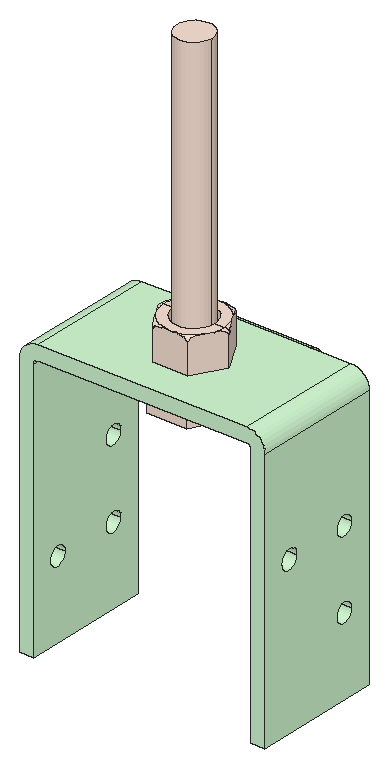
Revit family "キャッチャーボルト5070", category 機械設備, Revit 2022
Family settings
  丸型コネクタ寸法 = 直径を使用
  種別 = なし
  パーツ タイプ = 標準
  作業面ベース = いいえ
  常に垂直 = はい
  ロード時にボイドで切り取り = いいえ
  注釈の向きを維持 = いいえ
  共有 = いいえ
  部屋計算ポイント = いいえ
Parameters
  製造元 = "株式会社桐井製作所"
  既定の高さ = 0 mm
  URL = "https://www.kirii.co.jp/"
  K_品名 = "キャッチャーボルト5070幅"
  K_名称 = "斜め部材(ブレース)上部取付金具"
  K_備考 = "受注生産品"
  K_バージョン情報 = "20250901"
Reference planes
  plane 1 "中心(正面/背面)": y = 0
  plane 2: z = 0
  plane 3 "中心(左/右)": x = 0
Forms (mm)
  Extrusion 1, solid
    sketch origin (-0.479, 0, -20.761) x (1, 0, 0) y (0, 0, 1)
      loop
        arc (24.579, 82.561) -> (25.286, 82.268) -> (25.579, 81.561) r 1
        line (25.579, 81.561) -> (25.579, 20.761) -> (28.779, 20.761) -> (28.779, 81.561)
        arc (28.779, 81.561) -> (27.549, 84.531) -> (24.579, 85.761) r 4.2
        line (24.579, 85.761) -> (-23.621, 85.761)
        arc (-23.621, 85.761) -> (-26.591, 84.531) -> (-27.821, 81.561) r 4.2
        line (-27.821, 81.561) -> (-27.821, 20.761) -> (-24.621, 20.761) -> (-24.621, 81.561)
        arc (-24.621, 81.561) -> (-24.328, 82.268) -> (-23.621, 82.561) r 1
        line (-23.621, 82.561) -> (24.579, 82.561)
    from 0 to 30
  Extrusion 2, void
    sketch origin (0, -5, 57.1) x (1, 0, 0) y (0, 1, 0)
      loop
        circle (0, -10) r 5
    from 0 to 8.8
  Extrusion 3, solid
    sketch origin (0, 0, 0) x (0, 1, 0) y (0, 0, 1)
      loop
        line (0, 65) -> (0, 42.763) -> (3.2, 42.763) -> (3.2, 60.921)
        arc (3.2, 60.921) -> (2.305, 63.513) -> (0, 65) r 4.2
    from 15 to -15
  Extrusion 4, void
    sketch origin (0, 0, 0) x (1, 0, 0) y (0, 0, 1)
      loop
        circle (8, 50.787) r 2.25
      loop
        circle (-8, 50.743) r 2.25
    from 0 to -3.2
  Extrusion 5, void
    sketch origin (0, 0, 0) x (0, 1, 0) y (0, 0, 1)
      loop
        circle (-7, 36) r 2.25
      loop
        circle (-7, 18) r 2.248
      loop
        circle (-23, 18) r 2.25
    from -25.1 to -28.3
  Extrusion 6, void
    sketch origin (0, 0, 0) x (0, 1, 0) y (0, 0, 1)
      loop
        circle (-7.071, 18) r 2.3
      loop
        circle (-7.071, 36) r 2.3
      loop
        circle (-22.966, 36) r 2.3
    from 28.3 to 25.1
Cuts and joins
  Extrusion 2, Extrusion 5, Extrusion 6 cuts Extrusion 1
  Extrusion 4 cuts Extrusion 3
  joined: Extrusion 1, Extrusion 3
Dimensions and locks
  aligned and locked: level to plane 2
Nested families
  nested 1: "ナット" at (0, -15, 65) x (-1, 0, 0) z (0, 0, 1), type "ナット"
  nested 2: "M10×70ボルト" at (0, -15, 54.8) x (1, 0, 0) z (0, 1, 0), type "M10×70ボルト"
Definition of nested family "ナット"
  Parameters (values of type "ナット")
    Default Elevation = 1219.2 mm
  Reference planes
    plane 1 "中心(正面/背面)": y = 0
    plane 2: z = 0
    plane 3 "中心(左/右)": x = 0
  Forms (mm)
    Extrusion 1, solid
      sketch origin (0, 0, 0) x (1, 0, 0) y (0, 1, 0)
        loop
          line (-55, 45) -> (-55, -45.273) -> (55.986, -45.273) -> (55.986, 45) -> (-55, 45)
      from 0 to -304.8
    Revolve 2, solid
      sketch origin (0, 0, 2.36) x (1, 0, 0) y (0, 0, 1)
        loop
          arc (8.083, 4.64) -> (7.781, 5.356) -> (7.057, 5.64) r 1
          line (7.057, 5.64) -> (4.765, 5.64) -> (4.765, -2.36) -> (8.083, -2.36) -> (8.083, 4.64)
        axis (0, 5.64) -> (0, -2.36)
      angle from 0 to 360
    Extrusion 3, void
      sketch origin (0, 0, 0) x (1, 0, 0) y (0, 1, 0)
        loop
          line (8.083, 0) -> (4.041, 7) -> (-4.041, 7) -> (-8.083, 0) -> (-4.041, -7) -> (4.041, -7) -> (8.083, 0)
        loop
          circle (0, 0) r 8.42
      from 0 to 8.277
  Cuts and joins
    Extrusion 3 cuts Revolve 2
  Dimensions and locks
    aligned and locked: plane 2 to Extrusion 1
    aligned and locked: level to Extrusion 1
Definition of nested family "M10×70ボルト"
  Parameters (values of type "M10×70ボルト")
    Manufacturer = "株式会社桐井製作所"
    Default Elevation = 0 mm
    URL = "https://www.kirii.co.jp/"
    K_材料規格 = "M10×L60"
    K_品名 = "M10×60ボルト"
    K_名称 = "M10×60ボルト"
    K_備考 = "KIRIIアングルクランプ付属品"
  Reference planes
    plane 1 "中心(正面/背面)": y = 0
    plane 2: z = 0
    plane 3 "中心(左/右)": x = 0
    plane 4: x = 8
    plane 5: x = -8
    plane 6 "正面": y = -7
    plane 7: z = 8
    plane 8: z = -8
  Forms (mm)
    Extrusion 1, solid
      sketch origin (0, 0, 0) x (1, 0, 0) y (0, 0, 1)
        loop
          line (-4.619, 8) -> (-9.238, 0) -> (-4.619, -8) -> (4.619, -8) -> (9.238, 0) -> (4.619, 8) -> (-4.619, 8)
      from 0 to 7
    Extrusion 2, solid
      sketch origin (0, 0, 25.676) x (1, 0, 0) y (0, 0, 1)
        loop
          circle (0, -25.676) r 4.1
      from 7 to 77
  Cuts and joins
    joined: Extrusion 1, Extrusion 2
  Lines and regions (mm)
    model lines
      curve 1: circle (0, 0, 0) r 8 normal (0, -1, 0)
  Dimensions and locks
    aligned and locked: level to plane 2
